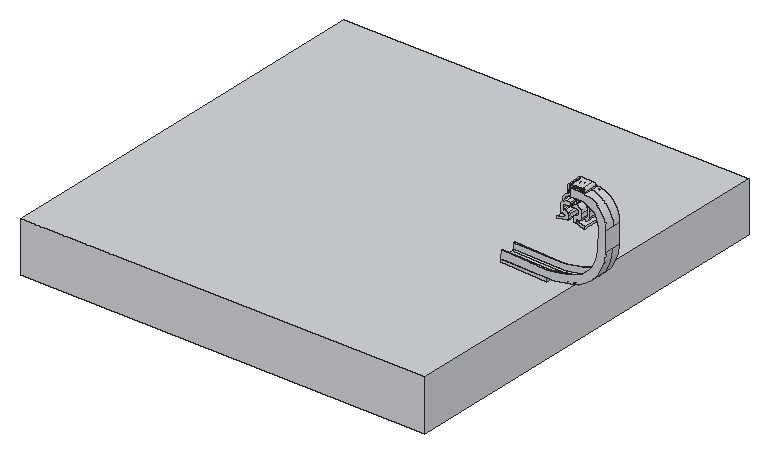
Revit family "CronsteinContactRail", category Обобщенные модели, Revit 2021
Family settings
  Основа = Грань
  Может служить основой для арматурных стержней = Нет
  Размер круглого соединителя = Использовать диаметр
  Тип детали = Нормальный
  При загрузке вырезать с полостями = Нет
  Общий = Нет
  Точка принадлежности помещению = Нет
Parameters (values of type "CCRail")
  Default Elevation = 1219.2 mm
Reference planes
  plane 1 "По центру (Вперед/Назад)": y = 0
  plane 2: z = 0
  plane 3 "По центру (Влево/Вправо)": x = 0
Forms (mm)
  Extrusion 1, solid
    sketch origin (0, 0, 0) x (1, 0, 0) y (0, 1, 0)
      loop
        line (-1219.2, 1219.2) -> (-1219.2, -1219.2) -> (1219.2, -1219.2) -> (1219.2, 1219.2) -> (-1219.2, 1219.2)
    from 0 to -304.8
  Sweep 2, solid
    path origin (1001.145, -94.964, 23.295) x (0.99955, 0, -0.029986) y (0.029986, 0, 0.99955)
      loop
        line (225.956, 540) -> (289.956, 540)
        arc (289.956, 540) -> (396.022, 496.066) -> (439.956, 390) r 150
        line (439.956, 390) -> (439.956, 268)
        arc (439.956, 268) -> (382.918, 110.197) -> (238.956, 24) r 250
        line (238.956, 24) -> (144.956, 5)
        arc (144.956, 5) -> (120.086, 1.241) -> (94.964, 0) r 250
        line (94.964, 0) -> (-180.044, 0)
    profile origin (1275.177, -94.964, 555.317) x (0.029986, 0, 0.99955) y (0, -1, 0)
      loop
        line (0, 0) -> (0, 50) -> (-46, 50) -> (-46, 42.4) -> (-11.5, 42.4)
        arc (-11.5, 42.4) -> (-6.55, 40.35) -> (-4.5, 35.4) r 7
        line (-4.5, 35.4) -> (-4.5, -35.4)
        arc (-4.5, -35.4) -> (-6.55, -40.35) -> (-11.5, -42.4) r 7
        line (-11.5, -42.4) -> (-46, -42.4) -> (-46, -50) -> (0, -50) -> (0, 0)
  Sweep 3, solid
    path origin (1243.042, -94.964, 551.279) x (-0.029986, 0, -0.99955) y (0, -1, 0)
      loop
        line (4.5, 40) -> (4.5, 0) -> (4.5, -40)
    profile origin (1242.907, -74.964, 546.781) x (-0.029986, 0, -0.99955) y (-0.99955, 0, 0.029986)
      loop
        arc (28.5, -54) -> (36.985, -50.485) -> (40.5, -42) r 12
        line (40.5, -42) -> (40.5, -6)
        arc (40.5, -6) -> (36.985, 2.485) -> (28.5, 6) r 12
        line (28.5, 6) -> (-2.5, 6) -> (-4.5, 4) -> (-4.5, 3) -> (0.5, 0) -> (28.5, 0)
        arc (28.5, 0) -> (32.743, -1.757) -> (34.5, -6) r 6
        line (34.5, -6) -> (34.5, -42)
        arc (34.5, -42) -> (32.743, -46.243) -> (28.5, -48) r 6
        line (28.5, -48) -> (0.5, -48) -> (-3.899, -50.639) -> (-3.899, -52.601) -> (-2.5, -54) -> (28.5, -54)
  Sweep 4, solid
    path origin (1243.042, -94.964, 551.279) x (-0.029986, 0, -0.99955) y (0, -1, 0)
      loop
        line (46, -40) -> (46, 40)
    profile origin (1241.662, -94.964, 505.299) x (0.029986, 0, 0.99955) y (-0.99955, 0, 0.029986)
      loop
        arc (-91.2, 18.014) -> (-89.827, 18.353) -> (-89.021, 19.515) r 2
        line (-89.021, 19.515) -> (-84.612, 37.153)
        arc (-84.612, 37.153) -> (-80, 44.247) -> (-72, 47) r 13
        line (-72, 47) -> (-40, 47)
        arc (-40, 47) -> (-16.8, 39.096) -> (-3.252, 18.673) r 38
        line (-3.252, 18.673) -> (13.188, 6) -> (45, 6)
        arc (45, 6) -> (45.707, 5.707) -> (46, 5) r 1
        line (46, 5) -> (46, -12)
        arc (46, -12) -> (46.586, -13.414) -> (48, -14) r 2
        line (48, -14) -> (56, -14)
        arc (56, -14) -> (57.414, -13.414) -> (58, -12) r 2
        line (58, -12) -> (58, 5)
        arc (58, 5) -> (54.192, 14.192) -> (45, 18) r 13
        line (45, 18) -> (13.188, 18)
        arc (13.188, 18) -> (10.136, 19.04) -> (8.353, 21.727) r 5
        arc (8.353, 21.727) -> (-9.474, 48.6) -> (-40, 59) r 50
        line (-40, 59) -> (-72, 59)
        arc (-72, 59) -> (-89.678, 51.678) -> (-97, 34) r 25
        line (-97, 34) -> (-93.379, 19.515)
        arc (-93.379, 19.515) -> (-92.573, 18.353) -> (-91.2, 18.014) r 2
  Sweep 5, solid
    path origin (1291.02, -94.964, 549.839) x (-0.029986, 0, -0.99955) y (0, 1, 0)
      loop
        line (46, 40) -> (46, -40)
    profile origin (1289.641, -94.964, 503.86) x (-0.029986, 0, -0.99955) y (0.99955, 0, -0.029986)
      loop
        arc (91.2, 18.014) -> (92.573, 18.353) -> (93.379, 19.515) r 2
        line (93.379, 19.515) -> (97, 34)
        arc (97, 34) -> (89.678, 51.678) -> (72, 59) r 25
        line (72, 59) -> (40, 59)
        arc (40, 59) -> (9.474, 48.6) -> (-8.353, 21.727) r 50
        arc (-8.353, 21.727) -> (-10.136, 19.04) -> (-13.188, 18) r 5
        line (-13.188, 18) -> (-45, 18)
        arc (-45, 18) -> (-54.192, 14.192) -> (-58, 5) r 13
        line (-58, 5) -> (-58, -12)
        arc (-58, -12) -> (-57.414, -13.414) -> (-56, -14) r 2
        line (-56, -14) -> (-48, -14)
        arc (-48, -14) -> (-46.586, -13.414) -> (-46, -12) r 2
        line (-46, -12) -> (-46, 5)
        arc (-46, 5) -> (-45.707, 5.707) -> (-45, 6) r 1
        line (-45, 6) -> (-13.188, 6) -> (3.252, 18.673)
        arc (3.252, 18.673) -> (16.8, 39.096) -> (40, 47) r 38
        line (40, 47) -> (72, 47)
        arc (72, 47) -> (80, 44.247) -> (84.612, 37.153) r 13
        line (84.612, 37.153) -> (89.021, 19.515)
        arc (89.021, 19.515) -> (89.827, 18.353) -> (91.2, 18.014) r 2
  Sweep 6, solid
    path origin (1243.042, -94.964, 551.279) x (-0.029986, 0, -0.99955) y (0, -1, 0)
      loop
        line (46, -40) -> (46, 40)
    profile origin (1241.662, -94.964, 505.299) x (0.029986, 0, 0.99955) y (-0.99955, 0, 0.029986)
      loop
        line (59.5, -24) -> (59.5, -59.5)
        arc (59.5, -59.5) -> (57.157, -65.157) -> (51.5, -67.5) r 8
        line (51.5, -67.5) -> (14.5, -67.5) -> (11.5, -70.5) -> (11.5, -75.5) -> (51.5, -75.5)
        arc (51.5, -75.5) -> (62.814, -70.814) -> (67.5, -59.5) r 16
        line (67.5, -59.5) -> (67.5, -24) -> (67.5, 11.5)
        arc (67.5, 11.5) -> (62.814, 22.814) -> (51.5, 27.5) r 16
        line (51.5, 27.5) -> (11.5, 27.5) -> (11.5, 22.5) -> (14.5, 19.5) -> (51.5, 19.5)
        arc (51.5, 19.5) -> (57.157, 17.157) -> (59.5, 11.5) r 8
        line (59.5, 11.5) -> (59.5, -24)
  Sweep 7, solid
    path origin (1243.042, -94.964, 551.279) x (-0.029986, 0, -0.99955) y (0, -1, 0)
      loop
        line (46, -75) -> (46, 75)
    profile origin (1241.662, -94.964, 505.299) x (0.029986, 0, 0.99955) y (-0.99955, 0, 0.029986)
      loop
        arc (-92.185, -57) -> (-88.492, -58.271) -> (-86.364, -61.545) r 6
        line (-86.364, -61.545) -> (-81.405, -81.378)
        arc (-81.405, -81.378) -> (-77.866, -86.867) -> (-71.692, -89) r 10
        line (-71.692, -89) -> (-42.681, -89)
        arc (-42.681, -89) -> (-19.229, -79.399) -> (-9.5, -56) r 33
        line (-9.5, -56) -> (-9.5, -32)
        arc (-9.5, -32) -> (-11.711, -28.423) -> (-15.9, -28.8) r 4
        arc (-15.9, -28.8) -> (-19.5, -30) -> (-23.1, -28.8) r 6
        arc (-23.1, -28.8) -> (-27.289, -28.423) -> (-29.5, -32) r 4
        line (-29.5, -32) -> (-29.5, -56)
        arc (-29.5, -56) -> (-33.308, -65.193) -> (-42.5, -69) r 13
        line (-42.5, -69) -> (-59.596, -69)
        arc (-59.596, -69) -> (-62.673, -67.942) -> (-64.447, -65.213) r 5
        line (-64.447, -65.213) -> (-69.228, -46.09)
        arc (-69.228, -46.09) -> (-73.484, -39.542) -> (-80.869, -37) r 12
        line (-80.869, -37) -> (-99.254, -37)
        arc (-99.254, -37) -> (-104.177, -38.695) -> (-107.015, -43.06) r 8
        line (-107.015, -43.06) -> (-121.755, -102.02)
        arc (-121.755, -102.02) -> (-117.389, -109.296) -> (-110.113, -104.931) r 6
        line (-110.113, -104.931) -> (-99.267, -61.545)
        arc (-99.267, -61.545) -> (-97.138, -58.271) -> (-93.446, -57) r 6
        line (-93.446, -57) -> (-92.185, -57)
      loop
        line (-99.267, 13.544) -> (-110.113, 56.93)
        arc (-110.113, 56.93) -> (-117.389, 61.295) -> (-121.755, 54.019) r 6
        line (-121.755, 54.019) -> (-107.015, -4.941)
        arc (-107.015, -4.941) -> (-104.177, -9.306) -> (-99.254, -11) r 8
        line (-99.254, -11) -> (-80.869, -11)
        arc (-80.869, -11) -> (-73.484, -8.459) -> (-69.228, -1.911) r 12
        line (-69.228, -1.911) -> (-64.447, 17.212)
        arc (-64.447, 17.212) -> (-62.673, 19.941) -> (-59.596, 21) r 5
        line (-59.596, 21) -> (-42.5, 21)
        arc (-42.5, 21) -> (-33.308, 17.192) -> (-29.5, 8) r 13
        line (-29.5, 8) -> (-29.5, -16)
        arc (-29.5, -16) -> (-27.289, -19.578) -> (-23.1, -19.2) r 4
        arc (-23.1, -19.2) -> (-19.5, -18) -> (-15.9, -19.2) r 6
        arc (-15.9, -19.2) -> (-11.711, -19.578) -> (-9.5, -16) r 4
        line (-9.5, -16) -> (-9.5, 8)
        arc (-9.5, 8) -> (-19.165, 31.334) -> (-42.499, 41) r 33
        line (-42.499, 41) -> (-71.692, 41)
        arc (-71.692, 41) -> (-77.866, 38.867) -> (-81.405, 33.378) r 10
        line (-81.405, 33.378) -> (-86.364, 13.545)
        arc (-86.364, 13.545) -> (-88.492, 10.271) -> (-92.185, 9) r 6
        line (-92.185, 9) -> (-93.446, 9)
        arc (-93.446, 9) -> (-97.138, 10.271) -> (-99.267, 13.544) r 6
      loop
        circle (-19.5, -24) r 5.8
  Sweep 8, solid
    path origin (1095.207, 0, -8.213) x (0, -1, 0) y (0.99955, 0, -0.029986)
      loop
        line (44.964, 0) -> (44.964, -275.008)
    profile origin (957.764, -44.964, -4.09) x (0, -1, 0) y (0.029986, 0, 0.99955)
      loop
        line (0, 8.173) -> (100, 8.173) -> (100, 28.673) -> (0, 28.673) -> (0, 8.173)
Lines and regions (mm)
  symbolic lines
    curve 1: arc (0, 1233.381, 496.044) -> (0, 1209.767, 487.082) -> (0, 1199.406, 464.048) r 33
    curve 2: arc (0, 1329.342, 459.969) -> (0, 1320.449, 483.698) -> (0, 1297.353, 494.125) r 33
    curve 3: line (0, 1329.342, 459.969) -> (0, 1328.473, 430.971)
    curve 4: arc (0, 1320.563, 421.49) -> (0, 1326.156, 424.864) -> (0, 1328.473, 430.971) r 10
    curve 5: line (0, 1320.563, 421.49) -> (0, 1300.59, 417.129)
    curve 6: arc (0, 1295.873, 411.447) -> (0, 1297.254, 415.1) -> (0, 1300.59, 417.129) r 6
    curve 7: line (0, 1295.835, 410.186) -> (0, 1295.873, 411.447)
    curve 8: arc (0, 1300.203, 404.232) -> (0, 1296.994, 406.457) -> (0, 1295.835, 410.186) r 6
    curve 9: line (0, 1343.244, 392.089) -> (0, 1300.203, 404.232)
    curve 10: arc (0, 1339.986, 380.54) -> (0, 1347.389, 384.686) -> (0, 1343.244, 392.089) r 6
    curve 11: line (0, 1281.494, 397.041) -> (0, 1339.986, 380.54)
    curve 12: arc (0, 1275.67, 404.981) -> (0, 1277.216, 400.009) -> (0, 1281.494, 397.041) r 8
    curve 13: line (0, 1276.221, 423.357) -> (0, 1275.67, 404.981)
    curve 14: arc (0, 1285.656, 434.721) -> (0, 1278.983, 430.662) -> (0, 1276.221, 423.357) r 12
    curve 15: line (0, 1304.914, 438.926) -> (0, 1285.656, 434.721)
    curve 16: arc (0, 1308.845, 443.661) -> (0, 1307.694, 440.617) -> (0, 1304.914, 438.926) r 5
    curve 17: line (0, 1309.357, 460.75) -> (0, 1308.845, 443.661)
    curve 18: arc (0, 1296.753, 474.134) -> (0, 1305.827, 470.052) -> (0, 1309.357, 460.75) r 13
    curve 19: line (0, 1272.764, 474.853) -> (0, 1296.753, 474.134)
    curve 20: arc (0, 1269.757, 481.346) -> (0, 1269.254, 477.171) -> (0, 1272.764, 474.853) r 4
    curve 21: arc (0, 1269.973, 488.543) -> (0, 1271.065, 484.909) -> (0, 1269.757, 481.346) r 6
    curve 22: arc (0, 1269.973, 488.543) -> (0, 1269.721, 492.741) -> (0, 1273.363, 494.844) r 4
    curve 23: line (0, 1273.363, 494.844) -> (0, 1297.353, 494.125)
    curve 24: circle (0, 1265.067, 485.089) r 5.8 normal (-1, 0, 0)
    curve 25: arc (0, 1260.377, 488.831) -> (0, 1260.88, 493.007) -> (0, 1257.371, 495.324) r 4
    curve 26: line (0, 1257.371, 495.324) -> (0, 1233.381, 496.044)
    curve 27: arc (0, 1260.161, 481.634) -> (0, 1259.07, 485.268) -> (0, 1260.377, 488.831) r 6
    curve 28: arc (0, 1256.771, 475.333) -> (0, 1260.413, 477.436) -> (0, 1260.161, 481.634) r 4
    curve 29: line (0, 1232.782, 476.053) -> (0, 1256.771, 475.333)
    curve 30: arc (0, 1219.398, 463.448) -> (0, 1223.479, 472.522) -> (0, 1232.782, 476.053) r 13
    curve 31: line (0, 1218.885, 446.36) -> (0, 1219.398, 463.448)
    curve 32: arc (0, 1222.525, 441.398) -> (0, 1219.851, 443.252) -> (0, 1218.885, 446.36) r 5
    curve 33: line (0, 1241.496, 436.046) -> (0, 1222.525, 441.398)
    curve 34: arc (0, 1250.233, 424.137) -> (0, 1247.914, 431.595) -> (0, 1241.496, 436.046) r 12
    curve 35: line (0, 1249.682, 405.76) -> (0, 1250.233, 424.137)
    curve 36: arc (0, 1243.392, 398.185) -> (0, 1247.84, 400.89) -> (0, 1249.682, 405.76) r 8
    curve 37: line (0, 1184.016, 385.219) -> (0, 1243.392, 398.185)
    curve 38: arc (0, 1181.456, 396.943) -> (0, 1176.874, 389.801) -> (0, 1184.016, 385.219) r 6
    curve 39: line (0, 1225.147, 406.483) -> (0, 1181.456, 396.943)
    curve 40: arc (0, 1199.401, 463.868) -> (0, 1209.701, 487.02) -> (0, 1233.38, 496.044) r 33
    curve 41: line (0, 1199.401, 463.868) -> (0, 1198.53, 434.869)
    curve 42: arc (0, 1205.858, 424.932) -> (0, 1200.477, 428.634) -> (0, 1198.53, 434.869) r 10
    curve 43: line (0, 1205.858, 424.932) -> (0, 1225.533, 419.381)
    curve 44: arc (0, 1229.902, 413.426) -> (0, 1228.742, 417.155) -> (0, 1225.533, 419.381) r 6
    curve 45: arc (0, 1225.146, 406.483) -> (0, 1228.483, 408.513) -> (0, 1229.864, 412.165) r 6
Dimensions and locks
  profile plane to Sweep 2 sketch curve = 50 mm
  aligned and locked: plane 2 to Extrusion 1
  aligned and locked: level to Extrusion 1
